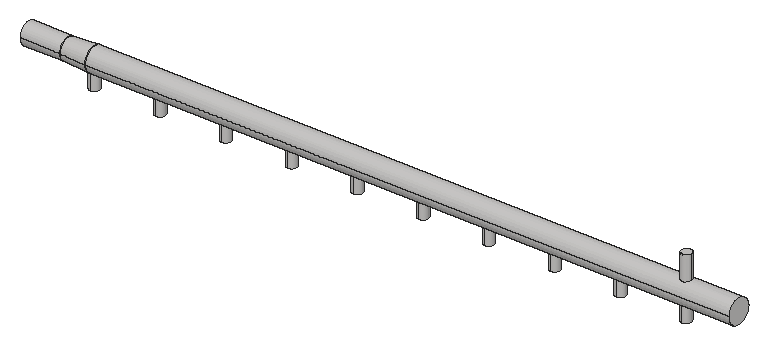
Revit family "BIMLIB_Коллектор_867_10_РОСТерм", category Оборудование, Revit 2017
Family settings
  Размер круглого соединителя = Использовать диаметр
  Тип детали = Нормальный
  На основе рабочей плоскости = Нет
  Всегда вертикально = Да
  При загрузке вырезать с полостями = Нет
  Общий = Нет
  Точка расчета площади = Нет
Parameters (values of type "Коллектор HEIZEN 867 для систем отопления сварной Ду32 на 10 выходов")
  РТ_Шаг = 100 mm
  РТ_l = 100 mm  # constant formula
  РТ_R1 = 18 mm
  РТ_R_низ = РТ_DN_низ / 2  # 7.5 mm
  РТ_DN3 = 15 mm  # constant formula
  Описание = "Коллекторы Heizen изготовлены из высококачественной латуни и нержавеющей стали, что исключает риск протечек. Коллекторы могут быть оснащены различными видами арматуры: ручными балансировочными клапанами,ручными запорными клапанами, термостатическими клапанами, расходомерами, воздухоотводчиками и дренажными кранами."
  РТ_DN_низ = 15 mm  # constant formula
  РТ_DN_бок = 32 mm
  Изготовитель = "РОСТерм"  # constant formula
  URL = "http://rostherm.ru/"
  RT_R2 = РТ_DN_бок / 2  # 16 mm
  BL_Разработано = "support@bimlib.ru"  # constant formula
  BL_Email = "rostherm@bimlib.ru"  # constant formula
  BL_BIM library = "https://bimlib.pro/manufacturer/rosterm/1632/"
  ADSK_Расход жидкости [instance] = 0.0 L/s
  ADSK_Примечание = ""
  ADSK_Позиция = ""
  ADSK_Обозначение = "ГОСТ 12.2.063-2015"  # constant formula
  ADSK_Наименование краткое = "HEIZEN 867 Ду32"
  ADSK_Наименование = "Коллектор HEIZEN 867 для систем отопления сварной Ду32 на 10 выходов"
  ADSK_Материал = BIMLIB_Нержавеющая_сталь_РОСТерм
  ADSK_Масса_Текст = ""
  ADSK_Масса = 0
  ADSK_Марка = "HEIZEN 867"  # constant formula
  ADSK_Код изделия = "867-32-10-10"
  ADSK_Завод-изготовитель = "Heizen"  # constant formula
  ADSK_Единица измерения = "шт."  # constant formula
  ADSK_Версия Revit = "2017"  # constant formula
  ADSK_URL страницы изделия = "http://rostherm.ru/kollektory/"
  ADSK_URL документации изделия = "http://rostherm.ru/"
Types (3, lengths in mm): name | РТ_R1 | РТ_DN_бок | RT_R2 | ADSK_Наименование краткое | ADSK_Наименование | ADSK_Код изделия
  Коллектор HEIZEN 867 для систем отопления сварной Ду50 на 10 выходов | 27 | 50 | 25 | "HEIZEN 867 Ду50" | "Коллектор HEIZEN 867 для систем отопления сварной Ду50 на 10 выходов" | "867-50-10-10"
  Коллектор HEIZEN 867 для систем отопления сварной Ду40 на 10 выходов | 22 | 40 | 20 | "HEIZEN 867 Ду40" | "Коллектор HEIZEN 867 для систем отопления сварной Ду40 на 10 выходов" | "867-40-10-10"
  Коллектор HEIZEN 867 для систем отопления сварной Ду32 на 10 выходов | 18 | 32 | 16 | "HEIZEN 867 Ду32" | "Коллектор HEIZEN 867 для систем отопления сварной Ду32 на 10 выходов" | "867-32-10-10"
Reference planes
  plane 1 "По центру (Вперед/Назад)": y = 0
  plane 2: z = 0
  plane 3 "По центру (Влево/Вправо)": x = 0
  plane 4: x = 100
  plane 5: x = 60
Forms (mm)
  Extrusion 1, solid, material "BIMLIB_Нержавеющая_сталь_РОСТерм" <- "ADSK_Материал", detail levels medium+fine
    sketch origin (65, 0, 0) x (0, 1, 0) y (0, 0, 1)
      loop
        circle (0, 0) r 18
    from 35 to 1015
  Sweep 2, solid, material "BIMLIB_Нержавеющая_сталь_РОСТерм" <- "ADSK_Материал", detail levels medium+fine
    path origin (65, 0, 7.5) x (1, 0, 0) y (0, 0, 1)
      loop
        line (35, -7.5) -> (35, -47.5)
    profile origin (100, 0, -20) x (0, -1, 0) y (1, 0, 0)
      loop
        circle (0, 0) r 7.5
  Blend 3, solid, material "BIMLIB_Нержавеющая_сталь_РОСТерм" <- "ADSK_Материал", detail levels medium+fine
    base sketch origin (50, 0, 0) x (0, 1, 0) y (0, 0, 1)
      loop
        circle (0, 0) r 18
    top sketch origin (50, 0, 0) x (0, 1, 0) y (0, 0, 1)
      loop
        circle (0, 0) r 16
    from 50 to 10
  Extrusion 4, solid, material "BIMLIB_Нержавеющая_сталь_РОСТерм" <- "ADSK_Материал", detail levels medium+fine
    sketch origin (50, 0, 0) x (0, 1, 0) y (0, 0, 1)
      loop
        circle (0, 0) r 16
    from -50 to 10
  Sweep 5, solid, material "BIMLIB_Нержавеющая_сталь_РОСТерм" <- "ADSK_Материал", detail levels medium+fine
    path origin (165, 0, 7.5) x (1, 0, 0) y (0, 0, 1)
      loop
        line (35, -7.5) -> (35, -47.5)
    profile origin (200, 0, -20) x (0, -1, 0) y (1, 0, 0)
      loop
        circle (0, 0) r 7.5
  Sweep 6, solid, material "BIMLIB_Нержавеющая_сталь_РОСТерм" <- "ADSK_Материал", detail levels medium+fine
    path origin (265, 0, 7.5) x (1, 0, 0) y (0, 0, 1)
      loop
        line (35, -7.5) -> (35, -47.5)
    profile origin (300, 0, -20) x (0, -1, 0) y (1, 0, 0)
      loop
        circle (0, 0) r 7.5
  Sweep 7, solid, material "BIMLIB_Нержавеющая_сталь_РОСТерм" <- "ADSK_Материал", detail levels medium+fine
    path origin (365, 0, 7.5) x (1, 0, 0) y (0, 0, 1)
      loop
        line (35, -7.5) -> (35, -47.5)
    profile origin (400, 0, -20) x (0, -1, 0) y (1, 0, 0)
      loop
        circle (0, 0) r 7.5
  Sweep 8, solid, material "BIMLIB_Нержавеющая_сталь_РОСТерм" <- "ADSK_Материал", detail levels medium+fine
    path origin (465, 0, 7.5) x (1, 0, 0) y (0, 0, 1)
      loop
        line (35, -7.5) -> (35, -47.5)
    profile origin (500, 0, -20) x (0, -1, 0) y (1, 0, 0)
      loop
        circle (0, 0) r 7.5
  Sweep 9, solid, material "BIMLIB_Нержавеющая_сталь_РОСТерм" <- "ADSK_Материал", detail levels medium+fine
    path origin (565, 0, 7.5) x (1, 0, 0) y (0, 0, 1)
      loop
        line (35, -7.5) -> (35, -47.5)
    profile origin (600, 0, -20) x (0, -1, 0) y (1, 0, 0)
      loop
        circle (0, 0) r 7.5
  Sweep 10, solid, material "BIMLIB_Нержавеющая_сталь_РОСТерм" <- "ADSK_Материал", detail levels medium+fine
    path origin (665, 0, 7.5) x (1, 0, 0) y (0, 0, 1)
      loop
        line (35, -7.5) -> (35, -47.5)
    profile origin (700, 0, -20) x (0, -1, 0) y (1, 0, 0)
      loop
        circle (0, 0) r 7.5
  Sweep 11, solid, material "BIMLIB_Нержавеющая_сталь_РОСТерм" <- "ADSK_Материал", detail levels medium+fine
    path origin (765, 0, 7.5) x (1, 0, 0) y (0, 0, 1)
      loop
        line (35, -7.5) -> (35, -47.5)
    profile origin (800, 0, -20) x (0, -1, 0) y (1, 0, 0)
      loop
        circle (0, 0) r 7.5
  Sweep 12, solid, material "BIMLIB_Нержавеющая_сталь_РОСТерм" <- "ADSK_Материал", detail levels medium+fine
    path origin (865, 0, 7.5) x (1, 0, 0) y (0, 0, 1)
      loop
        line (35, -7.5) -> (35, -47.5)
    profile origin (900, 0, -20) x (0, -1, 0) y (1, 0, 0)
      loop
        circle (0, 0) r 7.5
  Sweep 13, solid, material "BIMLIB_Нержавеющая_сталь_РОСТерм" <- "ADSK_Материал", detail levels medium+fine
    path origin (965, 0, 7.5) x (1, 0, 0) y (0, 0, 1)
      loop
        line (35, -7.5) -> (35, -47.5)
    profile origin (1000, 0, -20) x (0, -1, 0) y (1, 0, 0)
      loop
        circle (0, 0) r 7.5
  Extrusion 14, solid, material "BIMLIB_Нержавеющая_сталь_РОСТерм" <- "ADSK_Материал", detail levels medium+fine
    sketch origin (-99.38, 0, 0) x (1, 0, 0) y (0, 1, 0)
      loop
        circle (1099.815, 0) r 7.5
    from 0 to 52.797
Cuts and joins
  joined: Extrusion 1, Extrusion 14
Lines and regions (mm)
  model lines, detail levels coarse
    curve 1: line (0, 0, 0) -> (1080, 0, 0)
    curve 2: line (100, 0, 0) -> (100, 0, -40)
    curve 3: line (200.436, 0, -40) -> (200.436, 0, 0)
    curve 4: line (300, 0, -40) -> (300, 0, 0)
    curve 5: line (400, 0, -40) -> (400, 0, 0)
    curve 6: line (500.436, 0, -40) -> (500.436, 0, 0)
    curve 7: line (600, 0, -40) -> (600, 0, 0)
    curve 8: line (700, 0, -40) -> (700, 0, 0)
    curve 9: line (800.436, 0, -40) -> (800.436, 0, 0)
    curve 10: line (900.436, 0, -40) -> (900.436, 0, 0)
    curve 11: line (1000.436, 0, -40) -> (1000.436, 0, 0)
Dimensions and locks
  "РТ_l": plane 4 to plane 3 "По центру (Влево/Вправо)"
  Sweep 2 sketch curve to Sweep 2 sketch curve = 40 mm
  locked: plane 4 to plane 5 at 40
  Sweep 5 sketch curve to Sweep 5 sketch curve = 40 mm
  Sweep 6 sketch curve to Sweep 6 sketch curve = 40 mm
  Sweep 7 sketch curve to Sweep 7 sketch curve = 40 mm
  Sweep 8 sketch curve to Sweep 8 sketch curve = 40 mm
  Sweep 9 sketch curve to Sweep 9 sketch curve = 40 mm
  Sweep 10 sketch curve to Sweep 10 sketch curve = 40 mm
  Sweep 11 sketch curve to Sweep 11 sketch curve = 40 mm
  Sweep 12 sketch curve to Sweep 12 sketch curve = 40 mm
  Sweep 13 sketch curve to Sweep 13 sketch curve = 40 mm
  "РТ_R1": radius of Extrusion 1 sketch curve
  "РТ_R_низ": radius of Sweep 2 sketch curve
  "РТ_R1": radius of Blend 3 sketch curve
  "RT_R2": radius of Blend 3 sketch curve
  "RT_R2": radius of Extrusion 4 sketch curve
  "РТ_R_низ": radius of Sweep 5 sketch curve
  "РТ_R_низ": radius of Sweep 6 sketch curve
  "РТ_R_низ": radius of Sweep 7 sketch curve
  "РТ_R_низ": radius of Sweep 8 sketch curve
  "РТ_R_низ": radius of Sweep 9 sketch curve
  "РТ_R_низ": radius of Sweep 10 sketch curve
  "РТ_R_низ": radius of Sweep 11 sketch curve
  "РТ_R_низ": radius of Sweep 12 sketch curve
  "РТ_R_низ": radius of Sweep 13 sketch curve
  "РТ_R_низ": radius of Extrusion 14 sketch curve
  aligned and locked: level to plane 2
  aligned and locked: curve 2 to plane 4
  aligned and locked: plane 4 to Sweep 2
  aligned and locked: Blend 3 to plane 5
  aligned and locked: Extrusion 4 to plane 3 "По центру (Влево/Вправо)"
  aligned and locked: Extrusion 4 to Blend 3
  aligned and locked: curve 1 to cut or joined group of Extrusion 1, Extrusion 14
Automatic sketch dimensions
  Sweep 2 sketch curve to profile plane = 0 mm
  profile plane to Sweep 2 sketch curve = 0 mm
  Extrusion 1 sketch curve to level = 0 mm
  Extrusion 1 sketch curve to plane 1 "По центру (Вперед/Назад)" = 0 mm
  Blend 3 sketch curve to level = 0 mm  (x2)
  Blend 3 sketch curve to plane 1 "По центру (Вперед/Назад)" = 0 mm  (x2)
  Extrusion 4 sketch curve to level = 0 mm
  Extrusion 4 sketch curve to plane 1 "По центру (Вперед/Назад)" = 0 mm
  Sweep 5 sketch curve to profile plane = 0 mm
  profile plane to Sweep 5 sketch curve = 0 mm
  Sweep 6 sketch curve to profile plane = 0 mm
  profile plane to Sweep 6 sketch curve = 0 mm
  Sweep 7 sketch curve to profile plane = 0 mm
  profile plane to Sweep 7 sketch curve = 0 mm
  Sweep 8 sketch curve to profile plane = 0 mm
  profile plane to Sweep 8 sketch curve = 0 mm
  Sweep 9 sketch curve to profile plane = 0 mm
  profile plane to Sweep 9 sketch curve = 0 mm
  Sweep 10 sketch curve to profile plane = 0 mm
  profile plane to Sweep 10 sketch curve = 0 mm
  Sweep 11 sketch curve to profile plane = 0 mm
  profile plane to Sweep 11 sketch curve = 0 mm
  Sweep 12 sketch curve to profile plane = 0 mm
  profile plane to Sweep 12 sketch curve = 0 mm
  Sweep 13 sketch curve to profile plane = 0 mm
  profile plane to Sweep 13 sketch curve = 0 mm
  plane 1 "По центру (Вперед/Назад)" to Extrusion 14 sketch curve = 0 mm
  plane 4 to Extrusion 14 sketch curve = 900.436 mm
  curve 1 to plane 3 "По центру (Влево/Вправо)" = 0 mm
  curve 2 to curve 3 = 100.436 mm
  curve 4 to level = 40 mm
  curve 3 to curve 4 = 99.564 mm
  curve 5 to level = 40 mm
  curve 4 to curve 5 = 100 mm
  curve 5 to curve 6 = 100.436 mm
  curve 7 to level = 40 mm
  curve 6 to curve 7 = 99.564 mm
  curve 8 to level = 40 mm
  curve 7 to curve 8 = 100 mm
  curve 9 to level = 40 mm
  curve 8 to curve 9 = 100.436 mm
  curve 10 to level = 40 mm
  curve 9 to curve 10 = 100 mm
  curve 10 to curve 11 = 100 mm
  curve 11 to curve 1 = 79.564 mm
  curve 11 to curve 11 = 40 mm
  curve 3 to curve 3 = 40 mm
  curve 2 to level = 40 mm
  curve 6 to curve 6 = 40 mm
Connectors
  piping at (100, 0, -40), diameter 15, driven by "РТ_DN_низ", driven by "ADSK_Расход жидкости"
    settings: on Sweep 2, index 3, connector inside diameter 609.6 mm, connector length 0 mm, flow factor 0, pipe flow 0.0 L/s, pressure drop 0.0 Pa, fitting loss kfactor 0, connector angle 0.00°, fixture units 0, engagement length 0 mm, angle of deflection 0.00°, flow configuration 0, flow direction 2, fitting loss method 0, system type 7, joint type 0, gender type 0, connector reference index -1, connector utility 0, adjustable connector no, is connector primary yes, connector description ""
  piping at (0, 0, 0), diameter 32, driven by "ADSK_Расход жидкости", driven by "РТ_DN_бок"
    settings: on Extrusion 4, index 38, connector inside diameter 609.6 mm, connector length 0 mm, flow factor 0, pipe flow 0.0 L/s, pressure drop 0.0 Pa, fitting loss kfactor 0, connector angle 0.00°, fixture units 0, engagement length 0 mm, angle of deflection 0.00°, flow configuration 0, flow direction 1, fitting loss method 0, system type 7, joint type 0, gender type 0, connector reference index -1, connector utility 0, adjustable connector no, is connector primary no, connector description ""
  piping at (200, 0, -40), diameter 15, driven by "РТ_DN_низ", driven by "ADSK_Расход жидкости"
    settings: on Sweep 5, index 39, connector inside diameter 609.6 mm, connector length 0 mm, flow factor 0, pipe flow 0.0 L/s, pressure drop 0.0 Pa, fitting loss kfactor 0, connector angle 0.00°, fixture units 0, engagement length 0 mm, angle of deflection 0.00°, flow configuration 0, flow direction 2, fitting loss method 0, system type 7, joint type 0, gender type 0, connector reference index -1, connector utility 0, adjustable connector no, is connector primary no, connector description ""
  piping at (300, 0, -40), diameter 15, driven by "РТ_DN_низ", driven by "ADSK_Расход жидкости"
    settings: on Sweep 6, index 40, connector inside diameter 609.6 mm, connector length 0 mm, flow factor 0, pipe flow 0.0 L/s, pressure drop 0.0 Pa, fitting loss kfactor 0, connector angle 0.00°, fixture units 0, engagement length 0 mm, angle of deflection 0.00°, flow configuration 0, flow direction 2, fitting loss method 0, system type 7, joint type 0, gender type 0, connector reference index -1, connector utility 0, adjustable connector no, is connector primary no, connector description ""
  piping at (400, 0, -40), diameter 15, driven by "РТ_DN_низ", driven by "ADSK_Расход жидкости"
    settings: on Sweep 7, index 41, connector inside diameter 609.6 mm, connector length 0 mm, flow factor 0, pipe flow 0.0 L/s, pressure drop 0.0 Pa, fitting loss kfactor 0, connector angle 0.00°, fixture units 0, engagement length 0 mm, angle of deflection 0.00°, flow configuration 0, flow direction 2, fitting loss method 0, system type 7, joint type 0, gender type 0, connector reference index -1, connector utility 0, adjustable connector no, is connector primary no, connector description ""
  piping at (500, 0, -40), diameter 15, driven by "РТ_DN_низ", driven by "ADSK_Расход жидкости"
    settings: on Sweep 8, index 42, connector inside diameter 609.6 mm, connector length 0 mm, flow factor 0, pipe flow 0.0 L/s, pressure drop 0.0 Pa, fitting loss kfactor 0, connector angle 0.00°, fixture units 0, engagement length 0 mm, angle of deflection 0.00°, flow configuration 0, flow direction 2, fitting loss method 0, system type 7, joint type 0, gender type 0, connector reference index -1, connector utility 0, adjustable connector no, is connector primary no, connector description ""
  piping at (600, 0, -40), diameter 15, driven by "РТ_DN_низ", driven by "ADSK_Расход жидкости"
    settings: on Sweep 9, index 43, connector inside diameter 609.6 mm, connector length 0 mm, flow factor 0, pipe flow 0.0 L/s, pressure drop 0.0 Pa, fitting loss kfactor 0, connector angle 0.00°, fixture units 0, engagement length 0 mm, angle of deflection 0.00°, flow configuration 0, flow direction 2, fitting loss method 0, system type 7, joint type 0, gender type 0, connector reference index -1, connector utility 0, adjustable connector no, is connector primary no, connector description ""
  piping at (700, 0, -40), diameter 15, driven by "РТ_DN_низ", driven by "ADSK_Расход жидкости"
    settings: on Sweep 10, index 44, connector inside diameter 609.6 mm, connector length 0 mm, flow factor 0, pipe flow 0.0 L/s, pressure drop 0.0 Pa, fitting loss kfactor 0, connector angle 0.00°, fixture units 0, engagement length 0 mm, angle of deflection 0.00°, flow configuration 0, flow direction 2, fitting loss method 0, system type 7, joint type 0, gender type 0, connector reference index -1, connector utility 0, adjustable connector no, is connector primary no, connector description ""
  piping at (800, 0, -40), diameter 15, driven by "РТ_DN_низ", driven by "ADSK_Расход жидкости"
    settings: on Sweep 11, index 45, connector inside diameter 609.6 mm, connector length 0 mm, flow factor 0, pipe flow 0.0 L/s, pressure drop 0.0 Pa, fitting loss kfactor 0, connector angle 0.00°, fixture units 0, engagement length 0 mm, angle of deflection 0.00°, flow configuration 0, flow direction 2, fitting loss method 0, system type 7, joint type 0, gender type 0, connector reference index -1, connector utility 0, adjustable connector no, is connector primary no, connector description ""
  piping at (900, 0, -40), diameter 15, driven by "РТ_DN_низ", driven by "ADSK_Расход жидкости"
    settings: on Sweep 12, index 46, connector inside diameter 609.6 mm, connector length 0 mm, flow factor 0, pipe flow 0.0 L/s, pressure drop 0.0 Pa, fitting loss kfactor 0, connector angle 0.00°, fixture units 0, engagement length 0 mm, angle of deflection 0.00°, flow configuration 0, flow direction 2, fitting loss method 0, system type 7, joint type 0, gender type 0, connector reference index -1, connector utility 0, adjustable connector no, is connector primary no, connector description ""
  piping at (1000, 0, -40), diameter 15, driven by "РТ_DN_низ", driven by "ADSK_Расход жидкости"
    settings: on Sweep 13, index 47, connector inside diameter 609.6 mm, connector length 0 mm, flow factor 0, pipe flow 0.0 L/s, pressure drop 0.0 Pa, fitting loss kfactor 0, connector angle 0.00°, fixture units 0, engagement length 0 mm, angle of deflection 0.00°, flow configuration 0, flow direction 2, fitting loss method 0, system type 7, joint type 0, gender type 0, connector reference index -1, connector utility 0, adjustable connector no, is connector primary no, connector description ""
  piping at (1000.436, 0, 52.797), diameter 15, driven by "РТ_DN3", driven by "ADSK_Расход жидкости"
    settings: on cut or joined group of Extrusion 1, Extrusion 14, index 48, connector inside diameter 609.6 mm, connector length 0 mm, flow factor 0, pipe flow 0.0 L/s, pressure drop 0.0 Pa, fitting loss kfactor 0, connector angle 0.00°, fixture units 0, engagement length 0 mm, angle of deflection 0.00°, flow configuration 0, flow direction 0, fitting loss method 0, system type 29, joint type 0, gender type 0, connector reference index -1, connector utility 0, adjustable connector no, is connector primary no, connector description ""
